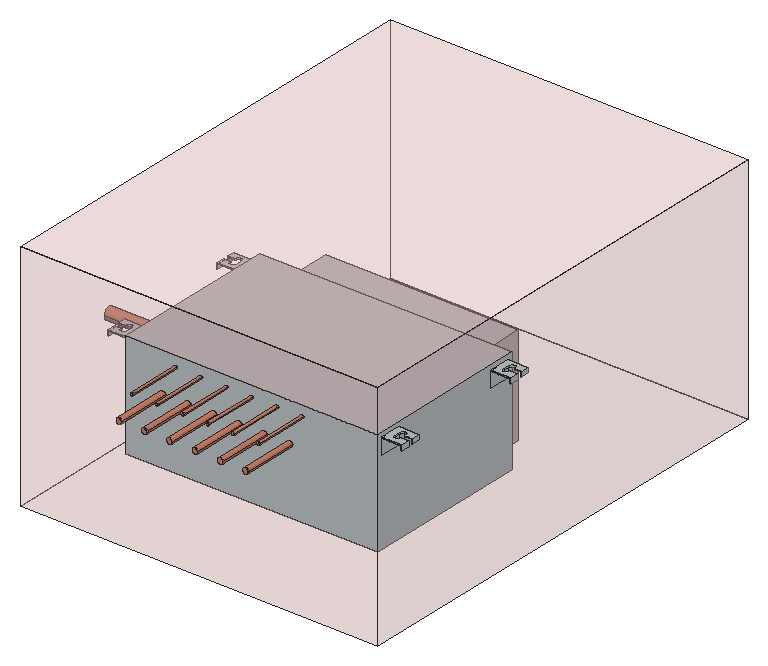
Revit family "CMB-M106V-J1(-TR)", category 機械設備, Revit 2016
Family settings
  ホスト = 天井
  パーツ タイプ = 標準
  丸型コネクタ寸法 = 半径を使用
  OmniClass 番号 = 23.75.00.00
  OmniClass タイトル = Climate Control (HVAC)
  常に垂直 = はい
  ロード時にボイドで切り取り = いいえ
  共有 = いいえ
  部屋の計算ポイント = いいえ
Parameters (values of type "CMB-M106V-J1(-TR)_240V_60Hz")
  説明 = "BC controller"
  製造元 = "Mitsubishi Electric Corporation"
  モデル = "CMB-M106V-J1(-TR)"
  Width = 596.00 mm
  WarrantyStart = ""
  Voltage = 240 V
  Unit Weight (kg) = 29
  URL = "http://www.mitsubishielectric.com/"
  TagNumber = 0
  Subcategory = "HVAC"
  Space View = yes
  Sound Pressure Level (Rated operation) (dB(A)) = "40"
  Sound Pressure Level (Defrost) (dB(A)) = 53
  Sound Power Level (Rated operation) (dB(A)) = "59"
  Sound Power Level (Defrost) (dB(A)) = 71
  SerialNumber = 0
  ReplacementYear = ""
  Phase = 1
  Number of branch = 6
  InstallationDate = ""
  Indoor unit capacity connectable to 1 branch = "Model P/M80 or smaller\r\n(Use optional joint pipe combining 2 branches when the total unit capacity exceeds P/M81.)"
  Hertz = 60 Hz
  Height = 250.00 mm
  Heating Power Input (kW) = 0.045
  Heating Current (A) = 0.19
  External Finish = "Galvanized steel plate\r\n(Lower part drain pan: Pre-coated galvanized sheets + powder coating)"
  Equip_description = ""
  Equip_No. = 0
  Equip_ID = ""
  Drain pipe_radius = 16.00 mm
  Description = ""
  Depth = 476.00 mm
  CreatedOn = ""
  CreatedBy = ""
  Cooling Power Input (kW) = 0.097
  Cooling Current (A) = 0.41
  Connection pipe of outdoor/heat source unit to P350 (Low pressure)_radius = 14.29 mm
  Connection pipe of outdoor/heat source unit to P350 (High pressure) radius = "9.525 or 11.1"
  Connection pipe of outdoor/heat source unit to P250/P300 (Low pressure)_radius = 11.10 mm
  Connection pipe of outdoor/heat source unit to P250/P300 (High pressure)_radius = 9.525 mm
  Connection pipe of outdoor/heat source unit to P200/M200 (Low pressure)_radius = 9.525 mm
  Connection pipe of outdoor/heat source unit to P200/M200 (High pressure)_radius = 7.94 mm
  Connection pipe of outdoor/heat source unit to M250/M300 (Low pressure)_radius = 11.10 mm
  Connection pipe of outdoor/heat source unit to M250/M300 (High pressure)_radius = 7.94 mm
  Connection pipe of indoor unit (Liquid Pipe)_radius (O.D.) = "Indoor unit Model 50 or smaller 3.175 Brazed\r\nbigger than 50 4.76 Brazed"
  Connection pipe of indoor unit (Gas Pipe)_radius (O.D.) = "Indoor unit Model 50 or smaller 6.35 Brazed\r\nbigger than 50 7.94 Brazed\r\n(9.525, 11.1 with optional joint pipe used.)"
  Connectable Outdoor/Heat source Unit Capacity = "P200 to P350/M200 to M300"
  Category = ""
  Barcode = ""
  AssetIdentifier = ""
Types (6, lengths in mm): name | Voltage | Hertz | Heating Power Input (kW) | Heating Current (A) | Cooling Power Input (kW) | Cooling Current (A)
  CMB-M106V-J1(-TR)_220V_50Hz | 220 V | 50 Hz | 0.045 | 0.21 | 0.097 | 0.45
  CMB-M106V-J1(-TR)_220V_60Hz | 220 V | 60 Hz | 0.036 | 0.17 | 0.078 | 0.36
  CMB-M106V-J1(-TR)_230V_50Hz | 230 V | 50 Hz | 0.051 | 0.23 | 0.11 | 0.48
  CMB-M106V-J1(-TR)_230V_60Hz | 230 V | 60 Hz | 0.041 | 0.18 | 0.088 | 0.39
  CMB-M106V-J1(-TR)_240V_50Hz | 240 V | 50 Hz | 0.057 | 0.24 | 0.123 | 0.52
  CMB-M106V-J1(-TR)_240V_60Hz | 240 V | 60 Hz | 0.045 | 0.19 | 0.097 | 0.41
Reference planes
  plane 1 "Center (Front/Back)": y = 0
  plane 2: z = 0
  plane 3 "Center (Left/Right)": x = 0
  plane 4 "Ceiling": z = 0
  plane 5: x = 18.001
  plane 6: x = -1461.999
  plane 7: y = 963.043
  plane 8: y = 1625.043
  plane 9: y = 1625.043
  plane 10: y = 1625.043
  plane 11: y = 225.043
  plane 12: y = -424.957
  plane 13: y = -271.474
  plane 14: y = 199
  plane 15: y = -199
  plane 16: x = -298
  plane 17: x = 298
  plane 18: z = 450.005
  plane 19: z = 200.005
Forms (mm)
  Extrusion 1, solid, material "Plated steel"
    sketch origin (-719.999, 26, 4152.985) x (-1, 0, 0) y (0, -1, 0)
      loop
        line (-1017.999, 225) -> (-1017.999, -173) -> (-421.999, -173) -> (-421.999, 225) -> (-1017.999, 225)
    from -3952.98 to -3702.98
  Extrusion 2, solid, material "Plated steel"
    sketch origin (609.8, 1.043, 4123.43) x (-1, 0, 0) y (0, 0, 1)
      loop
        line (813.903, -3678.196) -> (359.8, -3678.196) -> (359.8, -3913.425) -> (813.903, -3913.425) -> (813.903, -3678.196)
    from 197.957 to 275.957
  Extrusion 3, solid, material "Service space", visible <- "Space View"
    sketch origin (0.001, 0.043, 4120) x (1, 0, 0) y (0, 1, 0)
      loop
        line (297.999, -199.043) -> (297.999, 898.957) -> (-548.001, 898.957) -> (-548.001, -199.043) -> (297.999, -199.043)
    from -4120 to -3570
  Extrusion 4, solid, material "Copper"
    sketch origin (5463.716, -199, 4149.796) x (-1, 0, 0) y (0, 0, -1)
      loop
        circle (5643.716, 3724.791) r 3.175
    from 0 to 130
  Extrusion 5, solid, material "Copper"
    sketch origin (5523.716, -199, 4149.796) x (-1, 0, 0) y (0, 0, -1)
      loop
        circle (5643.716, 3724.791) r 3.175
    from 0 to 130
  Extrusion 6, solid, material "Copper"
    sketch origin (5583.716, -199, 4149.796) x (-1, 0, 0) y (0, 0, -1)
      loop
        circle (5643.716, 3724.791) r 3.175
    from 0 to 130
  Extrusion 7, solid, material "Copper"
    sketch origin (5643.716, -199, 4149.796) x (-1, 0, 0) y (0, 0, -1)
      loop
        circle (5643.716, 3724.791) r 3.175
    from 0 to 130
  Extrusion 8, solid, material "Copper"
    sketch origin (5703.716, -199, 4149.796) x (-1, 0, 0) y (0, 0, -1)
      loop
        circle (5643.716, 3724.791) r 3.175
    from 0 to 130
  Extrusion 9, solid, material "Copper"
    sketch origin (5763.716, -199, 4149.796) x (-1, 0, 0) y (0, 0, -1)
      loop
        circle (5643.716, 3724.791) r 3.175
    from 0 to 130
  Extrusion 10, solid, material "Copper"
    sketch origin (5463.716, -199, 4149.796) x (-1, 0, 0) y (0, 0, -1)
      loop
        circle (5673.716, 3792.791) r 6.35
    from 0 to 130
  Extrusion 11, solid, material "Copper"
    sketch origin (5523.716, -199, 4149.796) x (-1, 0, 0) y (0, 0, -1)
      loop
        circle (5673.716, 3792.791) r 6.35
    from 0 to 130
  Extrusion 12, solid, material "Copper"
    sketch origin (5583.716, -199, 4149.796) x (-1, 0, 0) y (0, 0, -1)
      loop
        circle (5673.716, 3792.791) r 6.35
    from 0 to 130
  Extrusion 13, solid, material "Copper"
    sketch origin (5643.716, -199, 4149.796) x (-1, 0, 0) y (0, 0, -1)
      loop
        circle (5673.716, 3792.791) r 6.35
    from 0 to 130
  Extrusion 14, solid, material "Copper"
    sketch origin (5703.716, -199, 4149.796) x (-1, 0, 0) y (0, 0, -1)
      loop
        circle (5673.716, 3792.791) r 6.35
    from 0 to 130
  Extrusion 15, solid, material "Copper"
    sketch origin (5763.716, -199, 4149.796) x (-1, 0, 0) y (0, 0, -1)
      loop
        circle (5673.716, 3792.791) r 6.35
    from 0 to 130
  Extrusion 16, solid, material "Copper"
    sketch origin (-298, 251, 4152.985) x (0, -1, 0) y (0, 0, 1)
      loop
        circle (349, -3740.98) r 14.29
    from 0 to 120
  Extrusion 17, solid, material "Copper"
    sketch origin (-298, 251, 4152.985) x (0, -1, 0) y (0, 0, 1)
      loop
        circle (183, -3823.98) r 9.525
    from 0 to 120
  Extrusion 18, solid
    sketch origin (-298, 251, 4152.985) x (0, -1, 0) y (0, 0, 1)
      loop
        circle (251, -3923.98) r 16
    from 0 to 20
Lines and regions (mm)
  model lines, visible <- "Space View"
    curve 1: line (-225, 899, 0) -> (225, 899, 0)
    curve 2: line (225, 899, 0) -> (225, 449, 0)
    curve 3: line (225, 449, 0) -> (-225, 449, 0)
    curve 4: line (-225, 449, 0) -> (-225, 899, 0)
    curve 5: line (225, 899, 0) -> (-225, 449, 0)
    curve 6: line (-225, 899, 0) -> (225, 449, 0)
Dimensions and locks
  equal spacing: host sketch curve, plane 3 "Center (Left/Right)", host sketch curve
  equal spacing: host sketch curve, plane 1 "Center (Front/Back)", host sketch curve
  host sketch curve to host sketch curve = 4000.00 mm  (x2)
  locked: plane 4 "Ceiling" to host ceiling at 0
  Extrusion 1 sketch curve to Extrusion 1 sketch curve = 596.00 mm  (x2)
  Extrusion 1 sketch curve to Extrusion 1 sketch curve = 398.00 mm
  Extrusion 1 to plane 3 "Center (Left/Right)" = 298.00 mm
  Extrusion 1 to Extrusion 1 = 596.00 mm
  Extrusion 1 to plane 1 "Center (Front/Back)" = 199.00 mm
  Extrusion 2 to Extrusion 2 = 78.00 mm
  Extrusion 1 to Extrusion 4 sketch curve = 118.00 mm
  Extrusion 1 to Extrusion 10 sketch curve = 88.00 mm
  Extrusion 16 sketch curve to Extrusion 1 = 101.00 mm
  Extrusion 1 to Extrusion 16 sketch curve = 38.00 mm
  Extrusion 17 sketch curve to Extrusion 1 = 267.00 mm
  Extrusion 1 to Extrusion 17 sketch curve = 121.00 mm
  Extrusion 18 sketch curve to Extrusion 1 = 199.00 mm
  Extrusion 1 to nested 1 = 35.00 mm
  nested 2 to nested 1 = 323.00 mm
  Extrusion 1 to Extrusion 3 = 99.995 mm
  Extrusion 3 to Extrusion 1 = 200.005 mm
  Extrusion 3 to Extrusion 1 = 250.00 mm
  Extrusion 3 sketch curve to Extrusion 1 = 250.00 mm
  Extrusion 3 to Extrusion 1 = 700.00 mm
  Extrusion 3 to Extrusion 1 = 398.00 mm
  Extrusion 1 to Extrusion 3 = 596.00 mm
  nested 3 to nested 1 = 648.00 mm
  Extrusion 1 to Extrusion 1 = 250.00 mm
  Extrusion 1 to level = 200.005 mm
  Extrusion 3 to Extrusion 1 = 99.995 mm
  Extrusion 1 to Extrusion 18 = 221.00 mm
  Extrusion 1 to Extrusion 18 sketch curve = 221.00 mm
  plane 1 "Center (Front/Back)" to Extrusion 3 = 199.00 mm
  Extrusion 1 to Extrusion 17 = 121.00 mm
  Extrusion 18 to plane 16 = 20.00 mm
  Extrusion 1 to nested 3 = 11.00 mm
  Extrusion 16 to plane 16 = 120.00 mm
  diameter of Extrusion 4 sketch curve = 6.35 mm
  diameter of Extrusion 5 sketch curve = 6.35 mm
  diameter of Extrusion 6 sketch curve = 6.35 mm
  diameter of Extrusion 7 sketch curve = 6.35 mm
  diameter of Extrusion 8 sketch curve = 6.35 mm
  diameter of Extrusion 9 sketch curve = 6.35 mm
  diameter of Extrusion 10 sketch curve = 12.70 mm
  diameter of Extrusion 11 sketch curve = 12.70 mm
  diameter of Extrusion 12 sketch curve = 12.70 mm
  diameter of Extrusion 13 sketch curve = 12.70 mm
  diameter of Extrusion 14 sketch curve = 12.70 mm
  diameter of Extrusion 15 sketch curve = 12.70 mm
  diameter of Extrusion 16 sketch curve = 28.58 mm
  diameter of Extrusion 17 sketch curve = 19.05 mm
  diameter of Extrusion 18 sketch curve = 32.00 mm
  diameter of Extrusion 16 = 28.58 mm
  diameter of Extrusion 17 = 19.05 mm
  diameter of Extrusion 18 = 32.00 mm
  aligned and locked: Extrusion 2 to Extrusion 1
Nested families
  nested 1: "Leg" at (325, -164, 441.305) x (0, 1, 0) z (0, 0, 1), type "Leg"
  nested 2: "Leg" at (325, 159, 441.305) x (0, 1, 0) z (0, 0, 1), type "Leg"
  nested 3: "Leg" at (-325, -164, 441.305) x (0, 1, 0) z (0, 0, 1), type "Leg"
  nested 4: "Leg" at (-325, 159, 441.305) x (0, 1, 0) z (0, 0, 1), type "Leg"
Connectors
  piping at (-180, -329, 425.005), diameter 6.36
    settings: on Extrusion 4, index 1, connector inside diameter 609.6 mm, connector length 0.00 mm, flow factor 0, pipe flow 0.0 L/s, pressure drop 0.0 Pa, fitting loss kfactor 0, connector angle 0.00°, fixture units 0, engagement length 0.00 mm, angle of deflection 0.00°, flow configuration 0, flow direction 0, fitting loss method 0, system type 22, joint type 0, gender type 0, connector reference index -1, connector utility 0, adjustable connector no, is connector primary yes, connector description "indoor unit (Liquid)"
  piping at (-120, -329, 425.005), diameter 6.36
    settings: on Extrusion 5, index 2, connector inside diameter 609.6 mm, connector length 0.00 mm, flow factor 0, pipe flow 0.0 L/s, pressure drop 0.0 Pa, fitting loss kfactor 0, connector angle 0.00°, fixture units 0, engagement length 0.00 mm, angle of deflection 0.00°, flow configuration 0, flow direction 0, fitting loss method 0, system type 22, joint type 0, gender type 0, connector reference index -1, connector utility 0, adjustable connector no, is connector primary no, connector description "indoor unit (Liquid)"
  piping at (-60, -329, 425.005), diameter 6.36
    settings: on Extrusion 6, index 3, connector inside diameter 609.6 mm, connector length 0.00 mm, flow factor 0, pipe flow 0.0 L/s, pressure drop 0.0 Pa, fitting loss kfactor 0, connector angle 0.00°, fixture units 0, engagement length 0.00 mm, angle of deflection 0.00°, flow configuration 0, flow direction 0, fitting loss method 0, system type 22, joint type 0, gender type 0, connector reference index -1, connector utility 0, adjustable connector no, is connector primary no, connector description "indoor unit (Liquid)"
  piping at (0, -329, 425.005), diameter 6.36
    settings: on Extrusion 7, index 4, connector inside diameter 609.6 mm, connector length 0.00 mm, flow factor 0, pipe flow 0.0 L/s, pressure drop 0.0 Pa, fitting loss kfactor 0, connector angle 0.00°, fixture units 0, engagement length 0.00 mm, angle of deflection 0.00°, flow configuration 0, flow direction 0, fitting loss method 0, system type 22, joint type 0, gender type 0, connector reference index -1, connector utility 0, adjustable connector no, is connector primary no, connector description "indoor unit (Liquid)"
  piping at (60, -329, 425.005), diameter 6.36
    settings: on Extrusion 8, index 5, connector inside diameter 609.6 mm, connector length 0.00 mm, flow factor 0, pipe flow 0.0 L/s, pressure drop 0.0 Pa, fitting loss kfactor 0, connector angle 0.00°, fixture units 0, engagement length 0.00 mm, angle of deflection 0.00°, flow configuration 0, flow direction 0, fitting loss method 0, system type 22, joint type 0, gender type 0, connector reference index -1, connector utility 0, adjustable connector no, is connector primary no, connector description "indoor unit (Liquid)"
  piping at (120, -329, 425.005), diameter 6.36
    settings: on Extrusion 9, index 6, connector inside diameter 609.6 mm, connector length 0.00 mm, flow factor 0, pipe flow 0.0 L/s, pressure drop 0.0 Pa, fitting loss kfactor 0, connector angle 0.00°, fixture units 0, engagement length 0.00 mm, angle of deflection 0.00°, flow configuration 0, flow direction 0, fitting loss method 0, system type 22, joint type 0, gender type 0, connector reference index -1, connector utility 0, adjustable connector no, is connector primary no, connector description "indoor unit (Liquid)"
  piping at (-210, -329, 357.005), diameter 12.7
    settings: on Extrusion 10, index 9, connector inside diameter 609.6 mm, connector length 0.00 mm, flow factor 0, pipe flow 0.0 L/s, pressure drop 0.0 Pa, fitting loss kfactor 0, connector angle 0.00°, fixture units 0, engagement length 0.00 mm, angle of deflection 0.00°, flow configuration 0, flow direction 0, fitting loss method 0, system type 22, joint type 0, gender type 0, connector reference index -1, connector utility 0, adjustable connector no, is connector primary no, connector description "indoor unit (Gas)"
  piping at (-150, -329, 357.005), diameter 12.7
    settings: on Extrusion 11, index 10, connector inside diameter 609.6 mm, connector length 0.00 mm, flow factor 0, pipe flow 0.0 L/s, pressure drop 0.0 Pa, fitting loss kfactor 0, connector angle 0.00°, fixture units 0, engagement length 0.00 mm, angle of deflection 0.00°, flow configuration 0, flow direction 0, fitting loss method 0, system type 22, joint type 0, gender type 0, connector reference index -1, connector utility 0, adjustable connector no, is connector primary no, connector description "indoor unit (Gas)"
  piping at (-90, -329, 357.005), diameter 12.7
    settings: on Extrusion 12, index 11, connector inside diameter 609.6 mm, connector length 0.00 mm, flow factor 0, pipe flow 0.0 L/s, pressure drop 0.0 Pa, fitting loss kfactor 0, connector angle 0.00°, fixture units 0, engagement length 0.00 mm, angle of deflection 0.00°, flow configuration 0, flow direction 0, fitting loss method 0, system type 22, joint type 0, gender type 0, connector reference index -1, connector utility 0, adjustable connector no, is connector primary no, connector description "indoor unit (Gas)"
  piping at (-30, -329, 357.005), diameter 12.7
    settings: on Extrusion 13, index 12, connector inside diameter 609.6 mm, connector length 0.00 mm, flow factor 0, pipe flow 0.0 L/s, pressure drop 0.0 Pa, fitting loss kfactor 0, connector angle 0.00°, fixture units 0, engagement length 0.00 mm, angle of deflection 0.00°, flow configuration 0, flow direction 0, fitting loss method 0, system type 22, joint type 0, gender type 0, connector reference index -1, connector utility 0, adjustable connector no, is connector primary no, connector description "indoor unit (Gas)"
  piping at (30, -329, 357.005), diameter 12.7
    settings: on Extrusion 14, index 13, connector inside diameter 609.6 mm, connector length 0.00 mm, flow factor 0, pipe flow 0.0 L/s, pressure drop 0.0 Pa, fitting loss kfactor 0, connector angle 0.00°, fixture units 0, engagement length 0.00 mm, angle of deflection 0.00°, flow configuration 0, flow direction 0, fitting loss method 0, system type 22, joint type 0, gender type 0, connector reference index -1, connector utility 0, adjustable connector no, is connector primary no, connector description "indoor unit (Gas)"
  piping at (90, -329, 357.005), diameter 12.7
    settings: on Extrusion 15, index 14, connector inside diameter 609.6 mm, connector length 0.00 mm, flow factor 0, pipe flow 0.0 L/s, pressure drop 0.0 Pa, fitting loss kfactor 0, connector angle 0.00°, fixture units 0, engagement length 0.00 mm, angle of deflection 0.00°, flow configuration 0, flow direction 0, fitting loss method 0, system type 22, joint type 0, gender type 0, connector reference index -1, connector utility 0, adjustable connector no, is connector primary no, connector description "indoor unit (Gas)"
  piping at (-418, -98, 412.005), diameter 28.58
    settings: on Extrusion 16, index 17, connector inside diameter 609.6 mm, connector length 0.00 mm, flow factor 0, pipe flow 0.0 L/s, pressure drop 0.0 Pa, fitting loss kfactor 0, connector angle 0.00°, fixture units 0, engagement length 0.00 mm, angle of deflection 0.00°, flow configuration 0, flow direction 0, fitting loss method 0, system type 22, joint type 0, gender type 0, connector reference index -1, connector utility 0, adjustable connector no, is connector primary no, connector description "outdoor unit(Low pressure)"
  piping at (-418, 68, 329.005), diameter 19.06
    settings: on Extrusion 17, index 19, connector inside diameter 609.6 mm, connector length 0.00 mm, flow factor 0, pipe flow 0.0 L/s, pressure drop 0.0 Pa, fitting loss kfactor 0, connector angle 0.00°, fixture units 0, engagement length 0.00 mm, angle of deflection 0.00°, flow configuration 0, flow direction 0, fitting loss method 0, system type 22, joint type 0, gender type 0, connector reference index -1, connector utility 0, adjustable connector no, is connector primary no, connector description "outdoor unit(High pressure)"
  piping at (-318, 0, 229.005), diameter 32
    settings: on Extrusion 18, index 20, connector inside diameter 609.6 mm, connector length 0.00 mm, flow factor 0, pipe flow 0.0 L/s, pressure drop 0.0 Pa, fitting loss kfactor 0, connector angle 0.00°, fixture units 0, engagement length 0.00 mm, angle of deflection 0.00°, flow configuration 0, flow direction 2, fitting loss method 0, system type 22, joint type 0, gender type 0, connector reference index -1, connector utility 0, adjustable connector no, is connector primary no, connector description "Drain"
  electrical at (250, 238, 327.62), driven by "Phase", driven by "Voltage"
    settings: on Extrusion 2, index 21, voltage 240 V, apparent load 0 VA, apparent load phase1 0 VA, apparent load phase2 0 VA, apparent load phase3 0 VA, power factor 1, load classification "その他", number of poles 1, system type 30, power factor state 1, is connector primary yes, connector utility no, sub classification motor no, connector description ""
Definition of nested family "Leg"
  Parameters (values of type "Leg")
    Assembly Code = ""
    W = 50.00 mm
    H = 43.00 mm
    D = 60.00 mm
  Reference planes
    plane 1: z = 0
    plane 2 "中心(左/右)": x = 0
    plane 3: x = -6
    plane 4: x = 6
    plane 5: x = 25
    plane 6: x = -25
    plane 7: y = -23
    plane 8: y = 27
    plane 9: y = 8
    plane 10: y = -6
    plane 11: y = 37
    plane 12: y = -20.7
    plane 13: y = 24.7
    plane 14: z = -12
    plane 15: z = -40.7
    plane 16: z = -2.3
    plane 17: x = -15
    plane 18: x = 15
    plane 19: x = 8
    plane 20: x = -8
    plane 21: z = -20
    plane 22: z = -38
    plane 23: x = 10
    plane 24: x = -10
    plane 25: y = 1
  Forms (mm)
    Extrusion 1, solid
      sketch origin (0, 0, 0) x (1, 0, 0) y (0, 1, 0)
        loop
          line (-25, -23) -> (25, -23) -> (25, 37) -> (-25, 37) -> (-25, -23)
      from 0 to -43
    Extrusion 2, void
      sketch origin (-25, -7, 0) x (0, 1, 0) y (0, 0, 1)
        loop
          line (44, 0) -> (34, 0) -> (34, -43) -> (44, -43) -> (44, 0)
        loop
          line (31.7, -2.3) -> (-13.7, -2.3) -> (-13.7, -12) -> (-16, -12) -> (-16, -43) -> (31.7, -43) -> (31.7, -2.3)
      from 0 to 50
    Extrusion 3, void
      sketch origin (-25, -23, 0) x (-1, 0, 0) y (0, 0, 1)
        loop
          line (-19, 0) -> (-31, 0) -> (-31, -12) -> (-19, -12) -> (-19, 0)
      from 0 to 2.3
    Extrusion 4, void
      sketch origin (0, 0, 0) x (1, 0, 0) y (0, 1, 0)
        loop
          arc (-8, 8) -> (-15, 1) -> (-8, -6) r 7
          line (-8, -6) -> (-6, -6) -> (-6, -20.7) -> (6, -20.7) -> (6, -6) -> (8, -6)
          arc (8, -6) -> (15, 1) -> (8, 8) r 7
          line (8, 8) -> (-8, 8)
      from 0 to -2.3
    Extrusion 5, void
      sketch origin (0, 0, 0) x (1, 0, 0) y (0, 0, 1)
        loop
          circle (0, -20) r 3.5
      from -27 to -24.7
    Extrusion 6, void
      sketch origin (25, 37, 0) x (1, 0, 0) y (0, 0, 1)
        loop
          line (0, -38) -> (-50, -38) -> (-50, -43) -> (0, -43) -> (0, -38)
      from 0 to 12.3
  Cuts and joins
    Extrusion 2, Extrusion 3, Extrusion 4, Extrusion 5, Extrusion 6 cuts Extrusion 1
  Dimensions and locks
    equal spacing: plane 6, plane 2 "中心(左/右)", plane 5
    "W": plane 6 to plane 5
    "D": plane 7 to plane 11
    aligned and locked: level to plane 1
    aligned and locked: Extrusion 5 to Extrusion 2
  Automatic sketch dimensions
    Extrusion 1 sketch curve to plane 6 = 0.00 mm
    Extrusion 1 sketch curve to plane 5 = 0.00 mm
    plane 7 to Extrusion 1 sketch curve = 0.00 mm
    plane 11 to Extrusion 1 sketch curve = 0.00 mm
    Extrusion 3 sketch curve to Extrusion 1 = 0.00 mm
    Extrusion 1 to Extrusion 3 sketch curve = 19.00 mm
    Extrusion 3 sketch curve to Extrusion 3 sketch curve = 12.00 mm
    Extrusion 1 to Extrusion 3 sketch curve = 12.00 mm
    plane 9 to Extrusion 4 sketch curve = 0.00 mm
    Extrusion 4 sketch curve to plane 20 = 0.00 mm
    Extrusion 4 sketch curve to plane 3 = 0.00 mm
    Extrusion 4 sketch curve to plane 4 = 0.00 mm
    plane 10 to Extrusion 4 sketch curve = 0.00 mm  (x2)
    Extrusion 4 sketch curve to plane 19 = 0.00 mm
    Extrusion 4 sketch curve to plane 12 = 0.00 mm
    Extrusion 5 sketch curve to plane 2 "中心(左/右)" = 0.00 mm
    Extrusion 5 sketch curve to plane 21 = 0.00 mm
    Extrusion 6 sketch curve to Extrusion 1 = 0.00 mm  (x2)
    Extrusion 1 to Extrusion 6 sketch curve = 50.00 mm
    Extrusion 1 to Extrusion 6 sketch curve = 5.00 mm
    Extrusion 2 sketch curve to Extrusion 1 = 0.00 mm  (x3)
    Extrusion 1 to Extrusion 2 sketch curve = 0.00 mm  (x2)
    Extrusion 1 to Extrusion 2 sketch curve = 2.30 mm
    Extrusion 2 sketch curve to Extrusion 1 = 12.30 mm
    Extrusion 2 sketch curve to Extrusion 2 sketch curve = 2.30 mm
    Extrusion 2 sketch curve to Extrusion 1 = 12.00 mm
    Extrusion 2 sketch curve to Extrusion 1 = 2.30 mm
    radius of Extrusion 5 sketch curve = 3.50 mm
